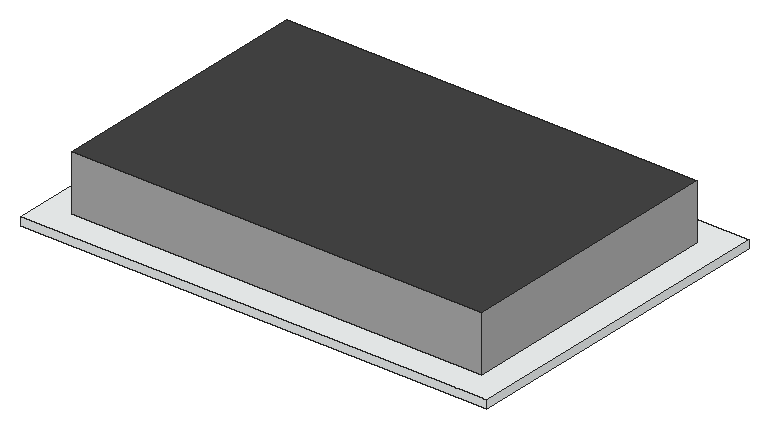
Revit family "1HVAC_Ductwork_Airzone_Supply-Linear-Slat-Grille_RL0V", category Air Terminals, Revit 2016
Family settings
  Part Type = Normal
  Round Connector Dimension = Use Diameter
  OmniClass Number = 23.75.70.21.27.11
  OmniClass Title = Diffusers, Registers, and Grilles
  Work Plane-Based = No
  Always vertical = Yes
  Cut with Voids When Loaded = No
  Shared = No
  Room Calculation Point = Yes
Parameters (values of type "INVALID TYPE - Use Load Family and Type Catalog instead")
  c8 = -0.6337  # constant formula
  c7 = 0.04271  # constant formula
  c6 = 24.13  # constant formula
  c5 = 25.86  # constant formula
  c4 = -102.1  # constant formula
  c3 = -33.01  # constant formula
  c2 = -2.07  # constant formula
  c1 = 0.000453  # constant formula
  Velocity [instance] = (Q / (36 * Ak)) * 1.0 m/s  # 1.4881 m/s
  URL = "www.airzone.es"
  Type Image Comments = "Image available in product documentation download"  # constant formula
  Type Comments = ""
  Throw Distance [instance] = round((c7 * (Ak ^ c8) * Q) * 1000) * 1 mm  # 3336 mm
  Sound Level in dBA [instance] = round((c3 + (c4 * log(Ak))) + ((c5 + (c6 * log(Ak))) * log(Q)))  # 1
  Revit Model Version = "1.0"  # constant formula
  Q [instance] = if(Duct Width > 1000 mm, (1000 mm / Duct Width) * Flow / 1 m³/h, Flow / 1 m³/h)  # 150
  Product Documentation Download URL = "http://doc.airzone.es/BIM/AirQ/Airzone_RL00_RL0V.zip"
  Product Comments = "Refer to technical documentation for further details"  # constant formula
  Product Code = "INVALID – Type not loaded via type catalog"
  Pressure Drop [instance] = ((c1 * (Ak ^ c2)) * (Q ^ 2)) * 1.0 Pa  # 1.20966 Pa
  Model = Product Code  # "INVALID – Type not loaded via type catalog"
  Min Flow = 150 m³/h
  Max Flow = 1500 m³/h
  Manufacturer = "AIRZONE"  # constant formula
  Main Material = Metal - AIRZONE - Extruded Aluminium - White (RAL 9010)
  Long Description = "Extruded aluminum supply grilles. 26-mm standard frame to enable the air flow supply. Horizontal slats fixed at 0º with a second moving vertical deflection."  # constant formula
  Grille Right Offset = if(Open Right End, 0 mm, 10 mm)  # 10 mm
  Grille Material = Metal - AIRZONE - Grille 12.5 mm - White (RAL 9010)
  Grille Left Offset = if(Open Left End, 0 mm, 10 mm)  # 10 mm
  Flow [instance] = 150 m³/h
  Fixing = "Clip (K), mounting frame required. Screw (T), mounting frame required. Bolt (P), safety mechanical fixing"  # constant formula
  Finish = "White (RAL 9010)"
  Effective Area = Akn * 100.00 cm²  # 280.00 cm²
  Duct Width = 300 mm
  Duct Height = 200 mm
  Disclaimer = "All information provided in this model is reviewed before being published. However, Airzone cannot guarantee this model is error-free, therefore users are strongly encouraged to check for technical documentation and updates"  # constant formula
  Description = "Grille of linear slats fixed at 0º"  # constant formula
  Damper Length = 39.4 mm
  Compatible Accesories = "Mounting frame. Manual flow regulation. Plenum for grille (PREJ, FR-X2F). Grille deflector"  # constant formula
  Right Cap Offset = if(Open Right End, 0 mm, 16 mm)  # 16 mm
  Open Right End = no
  Left Cap Offset = if(Open Left End, 0 mm, 16 mm)  # 16 mm
  Open Left End = no
  Akn = 2.8
  Ak1000 = 10
  Ak = if(Duct Width > 1000 mm, Ak1000, Akn)  # 2.8
  Accessories Material = Metal - AIRZONE - Extruded Aluminium - Anodized (Matt Silver Color)
Reference planes
  plane 1 "Center (Front/Back)": y = 0
  plane 2: z = 0
  plane 3 "Center (Left/Right)": x = 0
  plane 4 "Left": x = -150
  plane 5 "Right": x = 150
  plane 6 "Front": y = -100
  plane 7 "Back": y = 100
  plane 8 "Right Offset": x = 166
  plane 9 "Left Offset": x = -166
  plane 10 "Fornt Offset": y = -116
  plane 11 "Back Offset": y = 116
Forms (mm)
  Extrusion 1, solid, material "Metal - AIRZONE - Extruded Aluminium - White (RAL 9010)" <- "Main Material", detail levels fine
    sketch origin (0, 0, 0) x (1, 0, 0) y (0, 1, 0)
      loop
        line (-166, 116) -> (-166, -116) -> (166, -116) -> (166, 116) -> (-166, 116)
    from 0 to -5.5
  Extrusion 2, solid, material "Metal - AIRZONE - Extruded Aluminium - Anodized (Matt Silver Color)" <- "Accessories Material"
    sketch origin (0, 0, 0) x (1, 0, 0) y (0, 1, 0)
      loop
        line (-145.7, 95.7) -> (-145.7, -95.7) -> (145.7, -95.7) -> (145.7, 95.7) -> (-145.7, 95.7)
    from 0 to 39.4 <- "Damper Length"
  Extrusion 3, solid, material "Metal - AIRZONE - Extruded Aluminium - White (RAL 9010)" <- "Main Material", detail levels coarse+medium
    sketch origin (0, 0, 0) x (1, 0, 0) y (0, 1, 0)
      loop
        line (-166, 116) -> (-166, -116) -> (166, -116) -> (166, 116) -> (-166, 116)
    from 0 to -5.5
  Extrusion 4, void
    sketch origin (0, 0, 0) x (1, 0, 0) y (0, 1, 0)
      loop
        line (166, 125) -> (166, -125) -> (175, -125) -> (175, 125) -> (166, 125)
    from -6 to 3
  Extrusion 5, void
    sketch origin (0, 0, 0) x (1, 0, 0) y (0, 1, 0)
      loop
        line (-175, 125) -> (-175, -125) -> (-166, -125) -> (-166, 125) -> (-175, 125)
    from -6 to 3
Cuts and joins
  Extrusion 4, Extrusion 5 cuts Extrusion 3
  Extrusion 4, Extrusion 5 cuts Extrusion 1
Lines and regions (mm)
  Split face 1
    outline origin (0, 0, -5.5) x (1, 0, 0) y (0, 1, 0)
      loop
        line (-140, -90) -> (140, -90) -> (140, 90) -> (-140, 90) -> (-140, -90)
  model lines, detail levels medium
    curve 1: line (-140, 90, -5.5) -> (140, 90, -5.5)
    curve 2: line (-140, -90, -5.5) -> (-140, 90, -5.5)
    curve 3: line (140, -90, -5.5) -> (-140, -90, -5.5)
    curve 4: line (140, 90, -5.5) -> (140, -90, -5.5)
  symbolic lines
    curve 5: line (-150, 100, 0) -> (150, 100, 0)
    curve 6: line (-150, -100, 0) -> (-150, 100, 0)
    curve 7: line (150, -100, 0) -> (-150, -100, 0)
    curve 8: line (150, 100, 0) -> (150, -100, 0)
    curve 9: line (-150, -100, 0) -> (150, 100, 0)
    curve 10: line (150, -100, 0) -> (-150, 100, 0)
  model lines, not visible, detail levels coarse
    curve 11: line (-166, 116, -5.5) -> (166, 116, -5.5)
    curve 12: line (-166, -116, -5.5) -> (-166, 116, -5.5)
    curve 13: line (166, -116, -5.5) -> (-166, -116, -5.5)
    curve 14: line (166, 116, -5.5) -> (166, -116, -5.5)
  model lines, detail levels coarse
    curve 15: line (-166, -116, -5.5) -> (166, 116, -5.5)
    curve 16: line (166, -116, -5.5) -> (-166, 116, -5.5)
Dimensions and locks
  equal spacing: plane 4 "Left", plane 3 "Center (Left/Right)", plane 5 "Right"
  equal spacing: plane 7 "Back", plane 1 "Center (Front/Back)", plane 6 "Front"
  "Duct Width": plane 4 "Left" to plane 5 "Right"
  "Duct Height": plane 7 "Back" to plane 6 "Front"
  locked: Extrusion 1 sketch curve to plane 4 "Left" at 16
  locked: plane 5 "Right" to Extrusion 1 sketch curve at 16
  locked: Extrusion 1 sketch curve to plane 7 "Back" at 16
  locked: plane 6 "Front" to Extrusion 1 sketch curve at 16
  "Grille Left Offset": plane 4 "Left" to Split face 1 sketch curve
  "Grille Right Offset": Split face 1 sketch curve to plane 5 "Right"
  locked: plane 7 "Back" to Split face 1 sketch curve at 10
  locked: Split face 1 sketch curve to plane 6 "Front" at 10
  locked: plane 4 "Left" to Extrusion 2 sketch curve at 4.3
  locked: Extrusion 2 sketch curve to plane 5 "Right" at 4.3
  locked: plane 7 "Back" to Extrusion 2 sketch curve at 4.3
  locked: Extrusion 2 sketch curve to plane 6 "Front" at 4.3
  locked: Extrusion 3 sketch curve to plane 4 "Left" at 16
  locked: plane 5 "Right" to Extrusion 3 sketch curve at 16
  locked: Extrusion 3 sketch curve to plane 7 "Back" at 16
  locked: plane 6 "Front" to Extrusion 3 sketch curve at 16
  "Grille Right Offset": curve 4 to plane 5 "Right"
  "Grille Left Offset": plane 4 "Left" to curve 2
  locked: plane 7 "Back" to curve 1 at 10
  locked: curve 3 to plane 6 "Front" at 10
  "Right Cap Offset": plane 5 "Right" to Extrusion 4 sketch curve
  locked: plane 5 "Right" to Extrusion 4 sketch curve at 25
  locked: Extrusion 4 sketch curve to plane 7 "Back" at 25
  locked: plane 6 "Front" to Extrusion 4 sketch curve at 25
  "Left Cap Offset": Extrusion 5 sketch curve to plane 4 "Left"
  locked: Extrusion 5 sketch curve to plane 4 "Left" at 25
  locked: Extrusion 5 sketch curve to plane 7 "Back" at 25
  locked: plane 6 "Front" to Extrusion 5 sketch curve at 25
  curve 4 to plane 5 "Right" = 10 mm
  plane 4 "Left" to curve 2 = 10 mm
  "Right Cap Offset": plane 5 "Right" to plane 8 "Right Offset"
  "Left Cap Offset": plane 9 "Left Offset" to plane 4 "Left"
  locked: plane 11 "Back Offset" to plane 7 "Back" at 16
  locked: plane 6 "Front" to plane 10 "Fornt Offset" at 16
  aligned and locked: level to plane 2
  aligned and locked: plane 4 "Left" to curve 6
  aligned and locked: curve 5 to plane 7 "Back"
  aligned and locked: curve 8 to plane 5 "Right"
  aligned and locked: plane 6 "Front" to curve 7
  aligned and locked: plane 10 "Fornt Offset" to curve 13
  aligned and locked: plane 11 "Back Offset" to curve 11
  aligned and locked: curve 14 to plane 8 "Right Offset"
  aligned and locked: plane 9 "Left Offset" to curve 12
Connectors
  hvac at (0, 0, 39.4), driven by "Pressure Drop", driven by "Flow", driven by "Duct Height", driven by "Duct Width"
    settings: on Extrusion 2, index 1, duct flow 150 m³/h, flow factor 0, pres drop 1.20966 Pa, loss coef 0, conn angle 0.00°, conn width 300 mm, conn height 200 mm, conn diameter 609.6 mm, duct sys type 1, conn prof type 1, flow config 1, flow direction 1, loss method 4, conn ref index -1, conn util no, is conn primary yes, conn desc "Supply Air"
